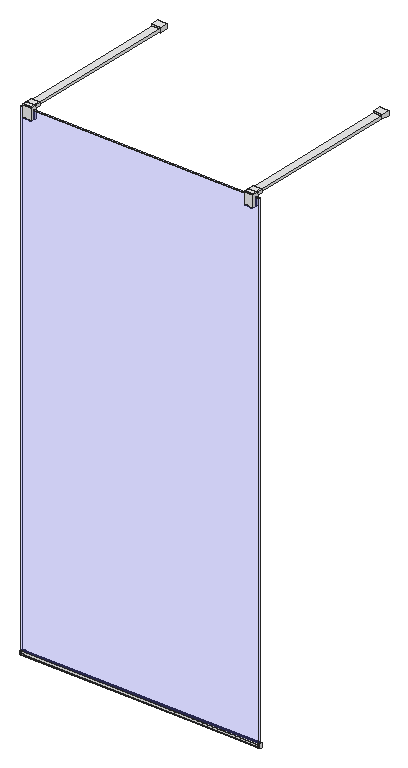
Revit family "SOL", category Plumbing Fixtures, Revit 2015
Parameters (values of type "1000")
  Glass = Glass
  Chrome = Chrome - Polished
  Aluminium = Aluminum - Polished
  A = 970 mm
  URL = "http://www.sanswiss.com/"
  Type Comments = ""
  Model = "SOL"
  Manufacturer = "SanSwiss"
Types (5, lengths in mm): name | A
  (no name) | 970
  1200 | 1170
  1600 | 1570
  1400 | 1370
  1000 | 970
Reference planes
  plane 1 "Center (Front/Back)": y = 0
  plane 2: z = 0
  plane 3 "Center (Left/Right)": x = 0
  plane 4 "Back": y = 900
  plane 5 "Left": x = -970
Forms (mm)
  Extrusion 1, solid, material "Glass" <- "Glass"
    sketch origin (0, 14.4, 1950) x (-1, 0, 0) y (0, -1, 0)
      loop
        line (970, -15.3) -> (970, -7.3) -> (1.2, -7.3) -> (1.2, -15.3) -> (970, -15.3)
    from -1940 to 50
  Extrusion 2, solid, material "Aluminum - Polished" <- "Aluminium"
    sketch origin (900, 0, 0) x (0, 1, 0) y (0, 0, 1)
      loop
        line (21.6, 10) -> (21.6, 13.779)
        arc (21.6, 13.779) -> (21.689, 14.408) -> (21.297, 14.909) r 0.813
        arc (21.297, 14.909) -> (20.558, 14.896) -> (20.2, 14.25) r 0.739
        line (20.2, 14.25) -> (20.2, 3.1)
        arc (20.2, 3.1) -> (20.669, 1.969) -> (21.8, 1.5) r 1.6
        line (21.8, 1.5) -> (22.85, 1.5) -> (22.85, 0) -> (24.15, 0) -> (24.15, 1.5) -> (27.25, 1.5) -> (27.25, 0) -> (28.55, 0) -> (28.55, 1.5) -> (29.6, 1.5)
        arc (29.6, 1.5) -> (30.731, 1.969) -> (31.2, 3.1) r 1.6
        line (31.2, 3.1) -> (31.2, 14.241)
        arc (31.2, 14.241) -> (30.886, 14.841) -> (30.217, 14.955) r 0.763
        arc (30.217, 14.955) -> (29.742, 14.514) -> (29.8, 13.868) r 0.736
        line (29.8, 13.868) -> (29.8, 10) -> (21.6, 10)
      loop
        line (29.9, 8.7) -> (21.5, 8.7) -> (21.5, 2.8) -> (29.9, 2.8) -> (29.9, 8.7)
    from -1870 to -900
Dimensions and locks
  locked: plane 4 "Back" to plane 1 "Center (Front/Back)" at 900
  "A": plane 5 "Left" to plane 3 "Center (Left/Right)"
  locked: plane 5 "Left" to nested 1 at 22
  aligned and locked: level to plane 2
  aligned and locked: Extrusion 2 to plane 5 "Left"
  aligned and locked: Extrusion 1 to plane 5 "Left"
  aligned and locked: plane 5 "Left" to nested 2
  aligned and locked: plane 3 "Center (Left/Right)" to nested 3
Automatic sketch dimensions
  Extrusion 1 sketch curve to plane 1 "Center (Front/Back)" = 29.7 mm
  Extrusion 1 sketch curve to Extrusion 1 sketch curve = 8 mm
  plane 5 "Left" to Extrusion 1 sketch curve = 0 mm
  Extrusion 1 sketch curve to plane 3 "Center (Left/Right)" = 1.2 mm
  Extrusion 2 sketch curve to level = 0 mm  (x2)
  level to Extrusion 2 sketch curve = 3.1 mm
  Extrusion 2 sketch curve to plane 1 "Center (Front/Back)" = 20.2 mm
  Extrusion 2 sketch curve to Extrusion 2 sketch curve = 0.703 mm
  Extrusion 2 sketch curve to Extrusion 2 sketch curve = 0.036 mm
  Extrusion 2 sketch curve to Extrusion 2 sketch curve = 1.3 mm  (x5)
  Extrusion 2 sketch curve to Extrusion 2 sketch curve = 0.3 mm  (x3)
  Extrusion 2 sketch curve to Extrusion 2 sketch curve = 1.05 mm  (x2)
  Extrusion 2 sketch curve to Extrusion 2 sketch curve = 3.1 mm
  Extrusion 2 sketch curve to Extrusion 2 sketch curve = 8.861 mm
  Extrusion 2 sketch curve to Extrusion 2 sketch curve = 0.629 mm
  Extrusion 2 sketch curve to Extrusion 2 sketch curve = 0.008 mm
  level to Extrusion 2 sketch curve = 1.5 mm
  Extrusion 2 sketch curve to Extrusion 2 sketch curve = 0 mm  (x2)
  Extrusion 2 sketch curve to Extrusion 2 sketch curve = 5.6 mm
  Extrusion 2 sketch curve to Extrusion 2 sketch curve = 5.168 mm
  Extrusion 2 sketch curve to Extrusion 2 sketch curve = 5.498 mm
  Extrusion 2 sketch curve to Extrusion 2 sketch curve = 0.356 mm
  Extrusion 2 sketch curve to Extrusion 2 sketch curve = 0.017 mm
  Extrusion 2 sketch curve to Extrusion 2 sketch curve = 0.052 mm
  Extrusion 2 sketch curve to Extrusion 2 sketch curve = 0.026 mm
  Extrusion 2 sketch curve to Extrusion 2 sketch curve = 0.065 mm
  Extrusion 2 sketch curve to Extrusion 2 sketch curve = 0.1 mm
Nested families
  nested 1: "stabiliser" at (-919.3, 0, 0), type "stabiliser"
    with length 700 mm
  nested 2: "plug" at (-970, 25.7, 0), type "plug"
  nested 3: "plug" at (0, 25.7, 0) x (-1, 0, 0) z (0, 0, 1), type "plug"
  nested 4: "stabiliser" at (-17.65, 0, 0), type "stabiliser"
    with length 700 mm
Definition of nested family "stabiliser"
  Parameters (values of type "stabiliser")
    Chrome = none
    Aluminium = none
    length [instance] = 900 mm
    URL = "http://www.sanswiss.com/"
    Type Comments = ""
    Model = ""
    Manufacturer = "SanSwiss"
  Reference planes
    plane 1 "Center (Front/Back)": y = 0
    plane 2: z = 0
    plane 3 "Center (Left/Right)": x = 0
    plane 4 "Back": y = 900
    plane 5 "Left": x = -1200
    plane 6 "glass left": x = -1140.7
    plane 7 "glass right": x = -28.7
    plane 8 "bar front": y = 56.3
    plane 9 "bar back": y = 869
  Forms (mm)
    Sweep 1, solid, material <- "Chrome"
      path origin (900, 0, 0) x (0, 1, 0) y (0, 0, 1)
        loop
          line (900, 2016.65) -> (900, 1999.15)
      profile origin (900, 900, 2007.9) x (1, 0, 0) y (0, 1, 0)
        loop
          line (-937.75, 0) -> (-937.75, -31) -> (-901.75, -31) -> (-901.75, 0) -> (-937.75, 0)
    Sweep 2, solid, material <- "Aluminium"
      path origin (900, 0, 0) x (0, 1, 0) y (0, 0, 1)
        loop
          line (56.3, 2017) -> (869, 2017)
      profile origin (900, 462.65, 2017) x (0, 0, 1) y (1, 0, 0)
        loop
          line (-5.35, -904.35) -> (-15.35, -904.35) -> (-15.35, -934.35) -> (-5.35, -934.35) -> (-5.35, -904.35)
    Sweep 3, solid, material <- "Chrome"
      path origin (0, 0, 1950) x (-1, 0, 0) y (0, -1, 0)
        loop
          line (36.35, -34.3) -> (2.35, -34.3)
      profile origin (-19.35, 34.3, 1950) x (0, 1, 0) y (0, 0, 1)
        loop
          line (4, 49.65) -> (22, 49.65) -> (22, 62.177) -> (-20.3, 62.177) -> (-20.3, 14.709)
          arc (-20.3, 14.709) -> (-20.136, 14.314) -> (-19.741, 14.15) r 0.559
          line (-19.741, 14.15) -> (-12.5, 14.15) -> (-12.5, 50.65) -> (-4, 50.65) -> (-4, 15.15) -> (-3, 15.15) -> (-3, 14.15) -> (0, 14.15)
          arc (0, 14.15) -> (1.414, 14.736) -> (2, 16.15) r 2
          line (2, 16.15) -> (2, 47.65)
          arc (2, 47.65) -> (2.586, 49.064) -> (4, 49.65) r 2
    Sweep 4, solid, material <- "Chrome"
      path origin (0, 0, 1950) x (-1, 0, 0) y (0, -1, 0)
        loop
          line (0, -31.3) -> (0, -56.3)
      profile origin (0, 43.8, 1950) x (-1, 0, 0) y (0, 0, 1)
        loop
          line (2.35, 62.177) -> (36.35, 62.177)
          arc (36.35, 62.177) -> (35.943, 63.378) -> (34.89, 64.086) r 1.979
          arc (34.89, 64.086) -> (19.366, 66.159) -> (3.841, 64.086) r 59.17
          arc (3.841, 64.086) -> (2.756, 63.397) -> (2.35, 62.177) r 1.918
    SweptBlend 5, solid, material <- "Chrome"
      path origin (0, 0, 1950) x (-1, 0, 0) y (0, -1, 0)
        loop
          line (0, -14) -> (0, -31.3)
      profile origin (0, 14, 1950) x (-1, 0, 0) y (0, 0, 1)
        loop
          arc (36.35, 62.177) -> (35.594, 63.222) -> (34.381, 63.66) r 2.19
          line (34.381, 63.66) -> (4.329, 63.66)
          arc (4.329, 63.66) -> (3.092, 63.248) -> (2.35, 62.177) r 2.062
          line (2.35, 62.177) -> (36.35, 62.177)
      end profile origin (0, 31.3, 1950) x (-1, 0, 0) y (0, 0, 1)
        loop
          arc (3.841, 64.086) -> (2.756, 63.397) -> (2.35, 62.177) r 1.918
          line (2.35, 62.177) -> (36.35, 62.177)
          arc (36.35, 62.177) -> (35.943, 63.378) -> (34.89, 64.086) r 1.979
          arc (34.89, 64.086) -> (19.366, 66.159) -> (3.841, 64.086) r 59.17
  Dimensions and locks
    "length": plane 4 "Back" to plane 1 "Center (Front/Back)"
    locked: plane 5 "Left" to plane 6 "glass left" at 59.3
    locked: plane 4 "Back" to plane 9 "bar back" at 31
    locked: plane 1 "Center (Front/Back)" to plane 8 "bar front" at 56.3
    aligned and locked: level to plane 2
  Automatic sketch dimensions
    Sweep 1 sketch curve to plane 4 "Back" = 0 mm
    level to Sweep 1 sketch curve = 1999.15 mm
    Sweep 1 sketch curve to Sweep 1 sketch curve = 17.5 mm
    profile plane to Sweep 1 sketch curve = 0 mm
    profile plane to Sweep 1 sketch curve = 31 mm
    Sweep 1 sketch curve to profile plane = 937.75 mm
    Sweep 1 sketch curve to Sweep 1 sketch curve = 36 mm
    Sweep 2 sketch curve to plane 9 "bar back" = 0 mm
    level to Sweep 2 sketch curve = 2017 mm
    Sweep 2 sketch curve to plane 8 "bar front" = 0 mm
    profile plane to Sweep 2 sketch curve = 15.35 mm
    profile plane to Sweep 2 sketch curve = 5.35 mm
    Sweep 2 sketch curve to profile plane = 934.35 mm
    Sweep 2 sketch curve to Sweep 2 sketch curve = 30 mm
    Sweep 3 sketch curve to plane 3 "Center (Left/Right)" = 2.35 mm
    Sweep 3 sketch curve to plane 8 "bar front" = 22 mm
    Sweep 3 sketch curve to plane 7 "glass right" = 7.65 mm
    Sweep 3 sketch curve to profile plane = 0 mm
    profile plane to Sweep 3 sketch curve = 3 mm
    Sweep 3 sketch curve to Sweep 3 sketch curve = 1 mm  (x2)
    Sweep 3 sketch curve to Sweep 3 sketch curve = 8.5 mm
    Sweep 3 sketch curve to Sweep 3 sketch curve = 7.241 mm
    Sweep 3 sketch curve to Sweep 3 sketch curve = 7.8 mm
    Sweep 3 sketch curve to profile plane = 2 mm
    Sweep 3 sketch curve to Sweep 3 sketch curve = 2 mm
    Sweep 3 sketch curve to Sweep 3 sketch curve = 18 mm
    profile plane to Sweep 3 sketch curve = 14.15 mm  (x2)
    Sweep 3 sketch curve to Sweep 3 sketch curve = 31.5 mm
    Sweep 3 sketch curve to Sweep 3 sketch curve = 3 mm
    Sweep 3 sketch curve to Sweep 3 sketch curve = 12.527 mm
    Sweep 4 sketch curve to plane 3 "Center (Left/Right)" = 0 mm
    Sweep 4 sketch curve to plane 8 "bar front" = 0 mm
    Sweep 4 sketch curve to plane 8 "bar front" = 25 mm
    SweptBlend 5 sketch curve to plane 3 "Center (Left/Right)" = 0 mm
    SweptBlend 5 sketch curve to plane 8 "bar front" = 25 mm
    SweptBlend 5 sketch curve to plane 1 "Center (Front/Back)" = 14 mm
    SweptBlend 5 sketch curve to profile plane = 2.35 mm  (x2)
    SweptBlend 5 sketch curve to SweptBlend 5 sketch curve = 1.918 mm
    profile plane to SweptBlend 5 sketch curve = 6.989 mm
    SweptBlend 5 sketch curve to profile plane = 19.366 mm
    SweptBlend 5 sketch curve to SweptBlend 5 sketch curve = 30.103 mm
    SweptBlend 5 sketch curve to SweptBlend 5 sketch curve = 1.979 mm  (x2)
    SweptBlend 5 sketch curve to SweptBlend 5 sketch curve = 55.187 mm
    SweptBlend 5 sketch curve to SweptBlend 5 sketch curve = 0.001 mm
    SweptBlend 5 sketch curve to SweptBlend 5 sketch curve = 0.039 mm
    SweptBlend 5 sketch curve to SweptBlend 5 sketch curve = 0.426 mm
    SweptBlend 5 sketch curve to SweptBlend 5 sketch curve = 29.947 mm
    SweptBlend 5 sketch curve to SweptBlend 5 sketch curve = 0.105 mm
    SweptBlend 5 sketch curve to SweptBlend 5 sketch curve = 2.074 mm
    profile plane to SweptBlend 5 sketch curve = 61.473 mm
    SweptBlend 5 sketch curve to SweptBlend 5 sketch curve = 0.125 mm
    Sweep 4 sketch curve to profile plane = 2.35 mm
    Sweep 4 sketch curve to Sweep 4 sketch curve = 1.918 mm
    profile plane to Sweep 4 sketch curve = 6.989 mm
    Sweep 4 sketch curve to profile plane = 19.366 mm
    Sweep 4 sketch curve to Sweep 4 sketch curve = 1.979 mm
    Sweep 4 sketch curve to Sweep 4 sketch curve = 0.001 mm
    Sweep 4 sketch curve to Sweep 4 sketch curve = 0.039 mm
    Sweep 4 sketch curve to Sweep 4 sketch curve = 0.426 mm
    Sweep 4 sketch curve to Sweep 4 sketch curve = 0.519 mm
    Sweep 4 sketch curve to Sweep 4 sketch curve = 0 mm
Definition of nested family "plug"
  Parameters (values of type "plug")
    Chrome = none
    URL = "http://www.sanswiss.com/"
    Type Comments = ""
    Model = ""
    Manufacturer = "SanSwiss"
  Reference planes
    plane 1 "Center (Front/Back)": y = 0
    plane 2: z = 0
    plane 3 "Center (Left/Right)": x = 0
  Forms (mm)
    Extrusion 1, solid, material <- "Chrome"
      sketch origin (0, 0, 0) x (0, 1, 0) y (0, 0, 1)
        loop
          line (4.735, 15) -> (-4.804, 15)
          arc (-4.804, 15) -> (-5.296, 14.796) -> (-5.5, 14.304) r 0.696
          line (-5.5, 14.304) -> (-5.5, 3.107)
          arc (-5.5, 3.107) -> (-5.032, 1.976) -> (-3.901, 1.508) r 1.599
          line (-3.901, 1.508) -> (-2.85, 1.508) -> (-2.85, 0) -> (2.85, 0) -> (2.85, 1.508) -> (3.908, 1.508)
          arc (3.908, 1.508) -> (5.034, 1.974) -> (5.5, 3.1) r 1.592
          line (5.5, 3.1) -> (5.5, 14.235)
          arc (5.5, 14.235) -> (5.276, 14.776) -> (4.735, 15) r 0.765
      from -1.5 to 0
  Dimensions and locks
    aligned and locked: level to plane 2
